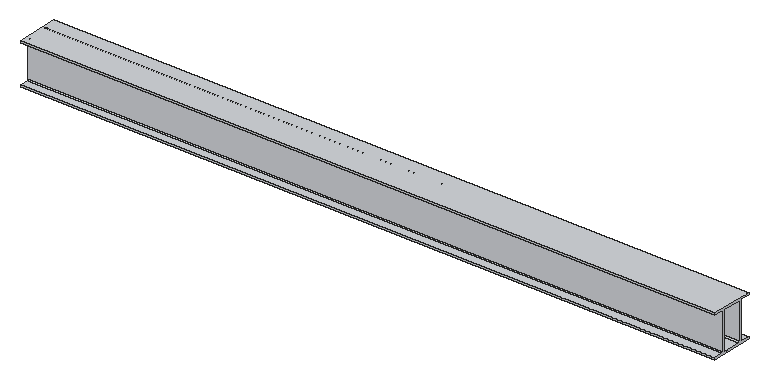
Revit family "2IPE180", category Structural Framing, Revit 2018
Family settings
  Section Shape = I-shape Parallel Flange
  Material for Model Behavior = Steel
  Always export as geometry = No
  OmniClass Number = 23.25.30.11.14.14
  OmniClass Title = Beams
  Always vertical = Yes
  Cut with Voids When Loaded = No
  Symbolic Representation = From Family
  Shared = No
  Show family pre-cut in plan views = Yes
Parameters
  Length [instance] = 3000 mm
Reference planes
  plane 1 "Center (Front/Back)": y = 0
  plane 2 "Center Elevation": z = 0
  plane 3 "Center (Left/Right)": x = 0
  plane 4 "Left": x = -1500
  plane 5 "Member Left": x = -1250
  plane 6 "Stick Symbol Left": x = -1000
  plane 7 "Right": x = 1500
  plane 8 "Member Right": x = 1250
  plane 9 "Stick Symbol Right": x = 1000
Forms (mm)
  Sweep 1, solid
    path origin (0, 0, 0) x (1, 0, 0) y (0, 1, 0)
      loop
        line (-1500, 0) -> (1500, 0)
    profile origin (0, 0, 0) x (0, 1, 0) y (0, 0, 1)
      loop
        line (90.972, 90) -> (70, 90) -> (-90.972, 90) -> (-90.972, 81.963) -> (-52.672, 81.963)
        arc (-52.672, 81.963) -> (-49.49, 80.645) -> (-48.172, 77.463) r 4.5
        line (-48.172, 77.463) -> (-48.172, 0) -> (-48.172, -77.463)
        arc (-48.172, -77.463) -> (-49.49, -80.645) -> (-52.672, -81.963) r 4.5
        line (-52.672, -81.963) -> (-90.972, -81.963) -> (-90.972, -90) -> (-70, -90) -> (90.972, -90) -> (90.972, -81.963) -> (52.672, -81.963)
        arc (52.672, -81.963) -> (49.49, -80.645) -> (48.172, -77.463) r 4.5
        line (48.172, -77.463) -> (48.172, 0) -> (48.172, 77.463)
        arc (48.172, 77.463) -> (49.49, 80.645) -> (52.672, 81.963) r 4.5
        line (52.672, 81.963) -> (90.972, 81.963) -> (90.972, 90)
      loop
        arc (42.785, 77.467) -> (41.47, 80.643) -> (38.294, 81.959) r 4.492
        line (38.294, 81.959) -> (0, 81.959) -> (-38.294, 81.959)
        arc (-38.294, 81.959) -> (-41.47, 80.643) -> (-42.785, 77.467) r 4.492
        line (-42.785, 77.467) -> (-42.785, 0) -> (-42.785, -77.467)
        arc (-42.785, -77.467) -> (-41.47, -80.643) -> (-38.294, -81.959) r 4.492
        line (-38.294, -81.959) -> (0, -81.959) -> (38.294, -81.959)
        arc (38.294, -81.959) -> (41.47, -80.643) -> (42.785, -77.467) r 4.492
        line (42.785, -77.467) -> (42.785, 0) -> (42.785, 77.467)
Lines and regions (mm)
  model lines, style "Stick Symbols", detail levels coarse
    curve 1: line (-1000, 0, 0) -> (1000, 0, 0)
Dimensions and locks
  equal spacing: plane 4 "Left", plane 3 "Center (Left/Right)", plane 7 "Right"
  "Length": plane 4 "Left" to plane 7 "Right"
  aligned and locked: plane 1 "Center (Front/Back)" to curve 1
  aligned and locked: plane 6 "Stick Symbol Left" to curve 1
  aligned and locked: plane 9 "Stick Symbol Right" to curve 1
  aligned and locked: level to plane 2 "Center Elevation"
Automatic sketch dimensions
  plane 1 "Center (Front/Back)" to Sweep 1 sketch curve = 0 mm
  Sweep 1 sketch curve to plane 4 "Left" = 0 mm
  Sweep 1 sketch curve to plane 7 "Right" = 0 mm
  Sweep 1 sketch curve to level = 0 mm  (x4)
  Sweep 1 sketch curve to profile plane = 0 mm  (x2)
  profile plane to Sweep 1 sketch curve = 38.294 mm  (x2)
  profile plane to Sweep 1 sketch curve = 42.785 mm
  Sweep 1 sketch curve to Sweep 1 sketch curve = 5.387 mm  (x2)
  Sweep 1 sketch curve to Sweep 1 sketch curve = 4.5 mm  (x4)
  Sweep 1 sketch curve to Sweep 1 sketch curve = 17.328 mm  (x2)
  Sweep 1 sketch curve to Sweep 1 sketch curve = 38.3 mm  (x3)
  Sweep 1 sketch curve to Sweep 1 sketch curve = 20.972 mm
  Sweep 1 sketch curve to profile plane = 38.294 mm  (x2)
  Sweep 1 sketch curve to Sweep 1 sketch curve = 4.492 mm
  Sweep 1 sketch curve to level = 77.463 mm  (x2)
  Sweep 1 sketch curve to Sweep 1 sketch curve = 0.004 mm  (x2)
  Sweep 1 sketch curve to Sweep 1 sketch curve = 8.037 mm  (x3)
  level to Sweep 1 sketch curve = 77.463 mm
